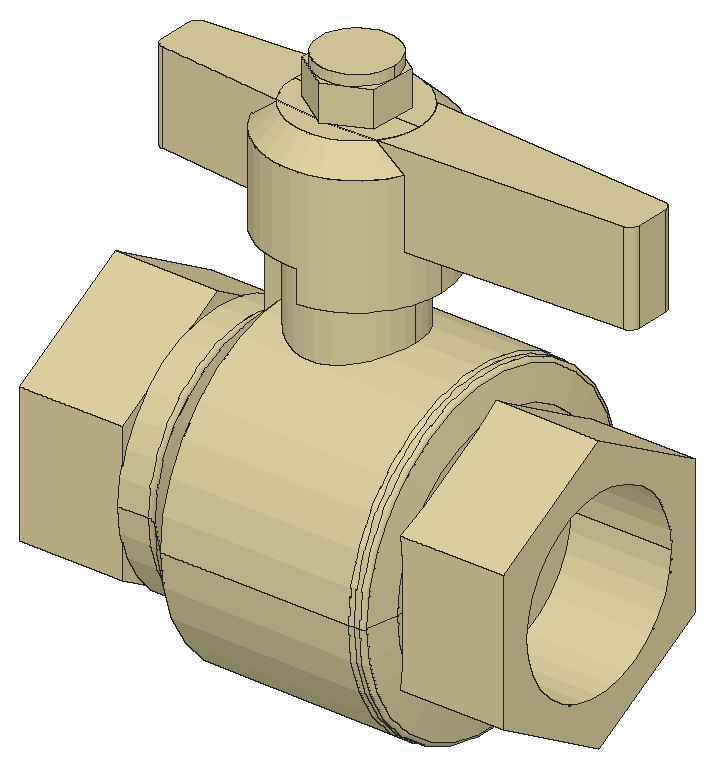
Revit family "QA00740000", category Apparecchi idraulici, Revit 2020
Family settings
  Quota connettore circolare = Usa diametro
  Tipo di parte = Normale
  Numero OmniClass = 23.45.00.00
  Titolo OmniClass = Sanitary, Laundry, and Cleaning Equipment
  Basato su piano di lavoro = No
  Sempre verticale = Sì
  Taglio con vuoti quando caricato = No
  Condiviso = No
  Punto di calcolo locali = No
Parameters
  URL = "https://web.cimberio.com/index.php/figura/97?subcategoria_id=64"
  Temperatura di esercizio = "-20 ÷ 150°C"
  Prospetto di default = 0 mm
  Produttore = "CIMBERIO SPA"
  Pressione nominale = "PN 32 (DN10-32) - PN 25 (DN40-50)"
  Modello = "Cim 12CR-OT"
  Materiale = "Prodotto in lega di ottone “CR” – “DZR\" conforme alla norma EN 12165-CW625N-DW"
  Descrizione = "Realizzato in ottemperanza ai requisiti gestionali della norma EN ISO 9001.\r\nUtilizzato per la regolazione della temperatura degli ambienti e comandare apparecchi degli impianti di riscaldamento e condizionamento."
  DN Model [instance] = QA00741040 : QA00741040
  DN [instance] = 40 mm
  Commenti sul tipo = "Utilizzato nei più svariati settori dell'impiantistica: impianti di riscaldamento, condizionamento, idrici, igienico-sanitari, aria compressa, reti di distribuzione oli, benzine, vapore saturo e in generale con ogni fluido non corrosivo"
Reference planes
  plane 1 "Centro (Fronte/Retro)": y = 0
  plane 2: z = 0
  plane 3 "Centro (Sinistra/Destra)": x = 0
Dimensions and locks
  aligned and locked: level to plane 2
Nested families
  nested 1: "QA00741040" at (0, 0, 0), type <- "DN Model", type "QA00741040"
  nested 2: "QA00741040" at (0, 0, 0), type <- "DN Model", type "QA00741040"
  nested 3: "QA00741040" at (0, 0, 0), type <- "DN Model", type "QA00741040"
  nested 4: "QA00741040" at (0, 0, 0), type <- "DN Model", type "QA00741040"
  nested 5: "QA00741040" at (0, 0, 0), type <- "DN Model", type "QA00741040"
  nested 6: "QA00741040" at (0, 0, 0), type <- "DN Model", type "QA00741040"
Connectors
  piping at (53.25, 0, 0), diameter 40, driven by "DN"
    settings: on nested 1, index 1, connector inside diameter 609.6 mm, connector length 0 mm, flow factor 0, pipe flow 0.0 L/s, pressure drop 0.0 Pa, fitting loss kfactor 0, connector angle 0.00°, fixture units 0, engagement length 0 mm, angle of deflection 0.00°, flow configuration 0, flow direction 0, fitting loss method 0, system type 7, joint type 0, gender type 0, connector reference index -1, connector utility 0, adjustable connector no, is connector primary yes, connector description ""
  piping at (-53.05, 0, 0), diameter 40, driven by "DN"
    settings: on nested 1, index 2, connector inside diameter 609.6 mm, connector length 0 mm, flow factor 0, pipe flow 0.0 L/s, pressure drop 0.0 Pa, fitting loss kfactor 0, connector angle 0.00°, fixture units 0, engagement length 0 mm, angle of deflection 0.00°, flow configuration 0, flow direction 0, fitting loss method 0, system type 7, joint type 0, gender type 0, connector reference index -1, connector utility 0, adjustable connector no, is connector primary no, connector description ""
Definition of nested family "QA00741040"
  Parameters (values of type "QA00981040")
    Default Elevation = 0 mm
  Reference planes
    plane 1 "Centro (Fronte/Retro)": y = 0
    plane 2: z = 0
    plane 3 "Centro (Sinistra/Destra)": x = 0
  Forms (mm)
    Revolve 1, solid
      sketch origin (0, 0, 0) x (0, 1, 0) y (-1, 0, 0)
        loop
          line (13.75, 30.5) -> (13.75, -30.971) -> (27.5, -30.971) -> (34.424, -29.75)
          arc (34.424, -29.75) -> (35.016, -29.408) -> (35.25, -28.765) r 1
          line (35.25, -28.765) -> (35.25, -27.476) -> (35.5, -26.543) -> (35.5, 14.7) -> (28.379, 21.821)
          arc (28.379, 21.821) -> (27.728, 22.795) -> (27.5, 23.943) r 3
          line (27.5, 23.943) -> (27.5, 30.5) -> (13.75, 30.5)
        axis (0, 30.5) -> (0, -30.971)
      angle from 0 to 360
    Extrusion 2, solid
      sketch origin (-16, 0, 0) x (0, 0, 1) y (0, 1, 0)
        loop
          circle (0, 0) r 20
        loop
          line (-30.3, 0) -> (-15.15, -26.241) -> (15.15, -26.241) -> (30.3, 0) -> (15.15, 26.241) -> (-15.15, 26.241) -> (-30.3, 0)
      from 14.5 to 37.05
    Extrusion 3, solid
      sketch origin (16, 0, 0) x (0, 0, 1) y (0, -1, 0)
        loop
          circle (0, 0) r 20
        loop
          line (-30.3, 0) -> (-15.15, -26.241) -> (15.15, -26.241) -> (30.3, 0) -> (15.15, 26.241) -> (-15.15, 26.241) -> (-30.3, 0)
      from 14.5 to 37.25
    Extrusion 4, solid
      sketch origin (0, 0, 58.3) x (0, 1, 0) y (-1, 0, 0)
        loop
          circle (0, 0) r 12.95
        loop
          circle (0, 0) r 8.25
      from -34.484 to 10
    Revolve 5, solid
      sketch origin (0, 0, 0) x (1, 0, 0) y (0, 0, 1)
        loop
          line (0, 78.3) -> (-13.75, 78.3) -> (-18.75, 73.3) -> (-18.75, 47.333) -> (-13.951, 47.333) -> (-13.951, 69.24) -> (0, 69.24) -> (0, 78.3)
        axis (0, 47.333) -> (0, 78.3)
      angle from 0 to 360
    Extrusion 6, solid
      sketch origin (0, 0, 58.3) x (0, 1, 0) y (-1, 0, 0)
        loop
          line (1.6, 19) -> (-1.602, 19) -> (-1.602, 6.145) -> (1.6, 6.145) -> (1.6, 19)
      from -27.95 to -6.5
    Extrusion 7, solid
      sketch origin (0, 0, 78.3) x (0, 1, 0) y (-1, 0, 0)
        loop
          line (-9.687, 0.677) -> (-5.43, -8.05) -> (4.257, -8.728) -> (9.687, -0.677) -> (5.43, 8.05) -> (-4.257, 8.728) -> (-9.687, 0.677)
      from 0 to 7.7
    Extrusion 8, solid
      sketch origin (0, 0, 78.3) x (0, 1, 0) y (-1, 0, 0)
        loop
          circle (0, 0) r 8.25
      from 7.7 to 10
    Extrusion 9, void
      sketch origin (0, 0, 78.3) x (-1, 0, 0) y (0, 1, 0)
        loop
          line (19.183, -1.602) -> (13.858, -1.602)
          arc (13.858, -1.602) -> (8.588, -10.994) -> (-1.8, -13.834) r 13.951
          line (-1.8, -13.834) -> (-1.8, -19.165)
          arc (-1.8, -19.165) -> (12.355, -14.761) -> (19.183, -1.602) r 19.249
      from 24 to 31.661
    Extrusion 10, solid
      sketch origin (0, 0, 78.3) x (0, 1, 0) y (-1, 0, 0)
        loop
          line (9, 0) -> (5.66, 38.174)
          arc (5.66, 38.174) -> (5.018, 39.475) -> (3.665, 40) r 2
          line (3.665, 40) -> (-3.665, 40)
          arc (-3.665, 40) -> (-5.018, 39.475) -> (-5.66, 38.174) r 2
          line (-5.66, 38.174) -> (-9, 0) -> (-5.602, -63.108)
          arc (-5.602, -63.108) -> (-4.982, -64.451) -> (-3.608, -65) r 2
          line (-3.608, -65) -> (3.602, -65)
          arc (3.602, -65) -> (4.979, -64.453) -> (5.602, -63.108) r 2
          line (5.602, -63.108) -> (9, 0)
      from -20.05 to 0
  Cuts and joins
    Extrusion 9 cuts Revolve 1
    Extrusion 9 cuts Extrusion 4
    joined: Revolve 1, Extrusion 4
    Extrusion 9 cuts Extrusion 6
    Extrusion 9 cuts Revolve 5
  Dimensions and locks
    aligned and locked: level to plane 2
